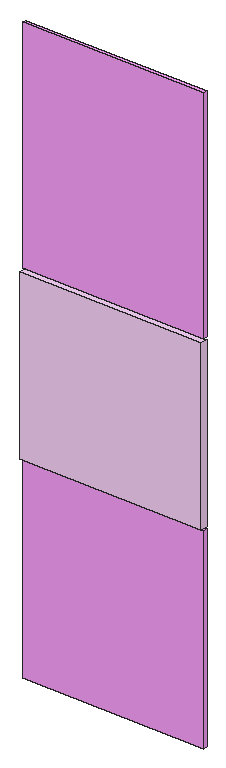
Revit family "EXP_WT-1A_CPan-002", category Curtain Panels, Revit 2021
Family settings
  OmniClass Number = 23.25.20.14.11.11.17
  OmniClass Title = Infill Panels
  Always vertical = Yes
  Cut with Voids When Loaded = No
  Shared = No
Parameters (values of type "H2 = 4'  6 1/2"")
  UI-UnitNumber [instance] = "01"
  UI-Quadrant [instance] = "SE"
  UI-ProjectAbbreviation = "NEU"
  UI-ItemCategory = "PID"
  UI-FloorNumber [instance] = "03"
  PNT-WallType = "WT1A"
  PNT-ProjectAbbreviation = "NEU"
  PNT-PanelType [instance] = "01"
  PNT-ItemCategory = "PNL"
  GlassSPH3 [instance] = 0' - 1 1/8"
  GlassSPH2(x3) [instance] = 0' - 2 3/16"
  GlassSPH1 [instance] = 0' - 1 1/8"
  GlassH3 [instance] = IG-3F(Glass)
  GlassH2 [instance] = IG-1F(Glass)
  GlassH1 [instance] = IG-3F(Glass)
  Define Thermal Properties by = Schematic Type
  CellSp = 0' - 10 3/16"
  CellL [instance] = 5' - 0"
  CellH3 [instance] = CellH - (CellH1 + CellH2)  # 5' - 4 1/2"
  CellH2 = 4' - 6 1/2"
  CellH1 = 6' - 0 1/2"
  CellH [instance] = 15' - 11 1/2"
  Analytic Construction = "<None>"
Reference planes (in)
  plane 1 "Center (Front/Back)": y = 0
  plane 2: z = 0
  plane 3 "Center (Left/Right)": x = 0
  plane 4 "Left": x = -30
  plane 5 "Right": x = 30
  plane 6 "Top": z = 191.5
  plane 7: z = 119
  plane 8: y = -10.1875
  plane 9: z = 64.5
Forms (in)
  Extrusion 1, solid, material "IG-1F(Glass)" <- "GlassH2", detail levels coarse+medium
    sketch origin (0, 0, 0) x (0, 1, 0) y (0, 0, 1)
      loop
        line (-10.1875, 119) -> (-10.1875, 64.5) -> (0, 64.5) -> (0, 119) -> (-10.1875, 119)
    from -30 to 30
  Extrusion 2, solid, material "IG-3F(Glass)" <- "GlassH1", detail levels coarse+medium
    sketch origin (0, 0, 0) x (0, 1, 0) y (0, 0, 1)
      loop
        line (-10.1875, 191.5) -> (-10.1875, 119) -> (0, 119) -> (0, 191.5) -> (-10.1875, 191.5)
    from -30 to 30
  Extrusion 3, solid, material "IG-3F(Glass)" <- "GlassH3", detail levels coarse+medium
    sketch origin (0, 0, 0) x (0, 1, 0) y (0, 0, 1)
      loop
        line (0, 64.5) -> (-10.1875, 64.5) -> (-10.1875, 0) -> (0, 0) -> (0, 64.5)
    from -30 to 30
Text (in)
  text "Exterior" at (-92.59733, 55.75508, 0), in view "Ref. Level"
  text "Exterior" at (0, 90.18664, 173.49264), in view "Left"
  text "Exterior" at (0, 52.29083, 162.21847), in view "Right"
Dimensions and locks (in)
  Extrusion 2 sketch curve to Extrusion 2 sketch curve = 0' - 10 3/16"
  equal spacing: plane 4 "Left", plane 3 "Center (Left/Right)", plane 5 "Right"
  "CellH1": plane 7 to plane 6 "Top"
  "CellH2": plane 9 to plane 7
  "CellH": plane 2 to plane 6 "Top"
  "CellSp": plane 8 to plane 1 "Center (Front/Back)"
  "CellL": plane 4 "Left" to plane 5 "Right"
  aligned and locked: Extrusion 1 sketch curve to plane 7
  aligned and locked: plane 8 to Extrusion 1 sketch curve
  aligned and locked: plane 1 "Center (Front/Back)" to Extrusion 1 sketch curve
  aligned and locked: plane 4 "Left" to Extrusion 1
  aligned and locked: Extrusion 1 to plane 5 "Right"
  aligned and locked: plane 6 "Top" to Extrusion 2 sketch curve
  aligned and locked: plane 8 to Extrusion 2 sketch curve
  aligned and locked: Extrusion 2 sketch curve to Extrusion 1
  aligned and locked: Extrusion 2 to plane 5 "Right"
  aligned and locked: plane 4 "Left" to Extrusion 2
  aligned and locked: level to plane 2
  aligned and locked: Extrusion 1 sketch curve to plane 9
  aligned and locked: Extrusion 3 sketch curve to Extrusion 1  (x2)
  aligned and locked: Extrusion 3 sketch curve to level
  aligned and locked: Extrusion 3 sketch curve to plane 8
  aligned and locked: Extrusion 3 to plane 5 "Right"
  aligned and locked: plane 4 "Left" to Extrusion 3
  aligned and locked: Extrusion 2 to plane 1 "Center (Front/Back)"
  aligned and locked: nested 1 to Extrusion 1
  aligned and locked: nested 1 to plane 4 "Left"
  aligned and locked: nested 1 to plane 5 "Right"
  aligned and locked: plane 6 "Top" to nested 2
  aligned and locked: nested 2 to level
  aligned and locked: plane 1 "Center (Front/Back)" to nested 3
  aligned and locked: plane 5 "Right" to nested 3
  aligned and locked: plane 4 "Left" to nested 3
  aligned and locked: Extrusion 3 to plane 2
  aligned and locked: Extrusion 2 to plane 6 "Top"
  aligned and locked: plane 1 "Center (Front/Back)" to nested 4
  aligned and locked: nested 4 to plane 6 "Top"
  aligned and locked: plane 7 to nested 4
  aligned and locked: plane 4 "Left" to nested 4
  aligned and locked: plane 5 "Right" to nested 4
  aligned and locked: plane 1 "Center (Front/Back)" to nested 5
  aligned and locked: plane 7 to nested 5
  aligned and locked: plane 9 to nested 5
  aligned and locked: plane 4 "Left" to nested 5
  aligned and locked: plane 5 "Right" to nested 5
  aligned and locked: plane 1 "Center (Front/Back)" to nested 6
  aligned and locked: plane 9 to nested 6
  aligned and locked: plane 2 to nested 6
  aligned and locked: plane 5 "Right" to nested 6
  aligned and locked: plane 4 "Left" to nested 6
Nested families (in)
  nested 1: "EXP_WT-1A_DetO-001" at (-30, 0, 0), type "EXP_WT-1A_DetO-001"
    with built-in parameter 1001306 5 (stored number, unit not read)
  nested 2: "EXP_WT-1A_DetO-004" at (0, 0, 191.5) x (0, 0, -1) z (1, 0, 0), CellH1 <- "CellH1", CellH2 <- "CellH2", type "EXP_WT-1A_DetO-004"
    with built-in parameter 1001306 15.958 (stored number, unit not read), CellH2 4' - 6 1/2", CellH1 6' - 0 1/2", CellH 15' - 11 1/2"
  nested 3: "EXP_xx_DetO-002" at (0, 0, -0.75132), CellH <- "CellH", CellL <- "CellL", type "EXP_xx_DetO-002", detail levels coarse
    with CellL 5' - 0", CellH 15' - 11 1/2"
  nested 4: "EXP_WT-1x_IG-001" at (0, 0, 155.25), MaterialGlass <- "GlassH1", GlassSP <- "GlassSPH1", type "GlassSP = H1", detail levels fine
    with MaterialGlass IG-3F(Glass), GlassSP 0' - 1 1/8", GlassL 4' - 10.12549", GlassH 5' - 10 13/16", CellL 5' - 0", CellH 6' - 0 1/2"
  nested 5: "EXP_WT-1x_IG-001" at (0, 0, 91.75), MaterialGlass <- "GlassH2", GlassSP <- "GlassSPH2(x3)", type "GlassSP = H2(x3)", detail levels fine
    with MaterialGlass IG-1F(Glass), GlassSP 0' - 2 3/16", GlassL 4' - 10.12598", GlassH 4' - 5 3/4", CellL 5' - 0", CellH 4' - 6 1/2"
  nested 6: "EXP_WT-1x_IG-001" at (0, 0, 32.25), MaterialGlass <- "GlassH3", GlassSP <- "GlassSPH1", type "GlassSP = H3", detail levels fine
    with MaterialGlass IG-3F(Glass), GlassSP 0' - 1 1/8", GlassL 4' - 10.12549", GlassH 5' - 2.56299", CellL 5' - 0", CellH 5' - 4 1/2"
Definition of nested family "EXP_WT-1x_IG-001"
  Parameters (values of type "H2 _ GlassSP = 1 1/4"")
    MaterialGlass [instance] = none
    GlassSP [instance] = 0' - 1 1/4"
    GlassL [instance] = CellL - (GlassD1 + GlassD3)  # 3' - 10.94439"
    GlassH [instance] = CellH - (GlassD2 + GlassD4)  # 6' - 6.64788"
    GlassD4 = 0' - 1.43701"
    GlassD3 = 0' - 0.93701"
    GlassD2 = 0' - 0 1/2"
    GlassD1 = 0' - 0 15/16"
    GMPI-ProjectAbbreviation = "NEU"
    GMPI-IteamCategory = "GLS"
    Default Elevation = 0' - 0"
    CellL [instance] = 4' - 0.8189"
    CellH [instance] = 6' - 8.58489"
  Types (12): name | GlassSP | GlassL | GlassH | GlassD4 | GlassD2 | GlassD1
    H2(x2) _ GlassSP = 2 1/8" | 0' - 2.12598" | 3' - 10.94488" | 6' - 6.64788" | 0' - 1.43701" | 0' - 0 1/2" | 0' - 0.93701"
    H1 _ GlassSP = 1 1/4" | 0' - 1 1/4" | 3' - 10.94439" | 6' - 6.89739" | 0' - 0 1/4" | 0' - 1 7/16" | 0' - 0 15/16"
    H2(x3) _ GlassSP = 2 1/8" | 0' - 2.12598" | 3' - 10.94488" | 6' - 7.83489" | 0' - 0 1/4" | 0' - 0 1/2" | 0' - 0.93701"
    H3 _ GlassSP = 1 1/4" | 0' - 1 1/4" | 3' - 10.94439" | 6' - 6.64788" | 0' - 1.43701" | 0' - 0 1/2" | 0' - 0 15/16"
    H _ GlassSP = 2 1/8" | 0' - 2.12598" | 3' - 10.94488" | 6' - 5.71088" | 0' - 1.43701" | 0' - 1.43701" | 0' - 0.93701"
    H _ GlassSP = 1 1/4" | 0' - 1 1/4" | 3' - 10.94439" | 6' - 5.71088" | 0' - 1.43701" | 0' - 1.43701" | 0' - 0 15/16"
    H2 _ GlassSP = 1 1/4" | 0' - 1 1/4" | 3' - 10.94439" | 6' - 6.64788" | 0' - 1.43701" | 0' - 0 1/2" | 0' - 0 15/16"
    GlassSP = H | 0' - 1 1/4" | 3' - 10.94439" | 6' - 5.71088" | 0' - 1.43701" | 0' - 1.43701" | 0' - 0 15/16"
    GlassSP = H3 | 0' - 1 1/4" | 3' - 10.94439" | 6' - 6.64788" | 0' - 1.43701" | 0' - 0 1/2" | 0' - 0 15/16"
    GlassSP = H2(x3) | 0' - 2.12598" | 3' - 10.94488" | 6' - 7.83489" | 0' - 0 1/4" | 0' - 0 1/2" | 0' - 0.93701"
    GlassSP = H2(x2) | 0' - 2.12598" | 3' - 10.94488" | 6' - 6.64788" | 0' - 1.43701" | 0' - 0 1/2" | 0' - 0.93701"
    GlassSP = H1 | 0' - 1 1/4" | 3' - 10.94439" | 6' - 6.89739" | 0' - 0 1/4" | 0' - 1 7/16" | 0' - 0 15/16"
  Reference planes (in)
    plane 1 "Center (Front/Back)": y = 0
    plane 2: z = 0
    plane 3 "Center (Left/Right)": x = 0
    plane 4: x = -24.40945
    plane 5: x = 24.40945
    plane 6: z = 40.29245
    plane 7: x = -23.47195
    plane 8: x = 23.47244
    plane 9: z = -40.29245
    plane 10: z = 39.79245
    plane 11: z = -38.85544
  Forms (in)
    Extrusion 1, solid, material <- "MaterialGlass"
      sketch origin (0, 0, 0) x (1, 0, 0) y (0, 0, 1)
        loop
          line (-23.47195, -38.85544) -> (23.47244, -38.85544) -> (23.47244, 39.79245) -> (-23.47195, 39.79245) -> (-23.47195, -38.85544)
      from 0 to 1.25 <- "GlassSP"
  Dimensions and locks (in)
    equal spacing: plane 6, level, plane 9
    "CellH": plane 6 to plane 9
    "GlassD2": plane 6 to plane 10
    "GlassD4": plane 11 to plane 9
    equal spacing: plane 4, plane 3 "Center (Left/Right)", plane 5
    "CellL": plane 4 to plane 5
    "GlassD1": plane 4 to plane 7
    "GlassD3": plane 5 to plane 8
    aligned and locked: level to plane 2
    aligned and locked: Extrusion 1 sketch curve to plane 11
    aligned and locked: Extrusion 1 sketch curve to plane 7
    aligned and locked: plane 10 to Extrusion 1 sketch curve
    aligned and locked: plane 8 to Extrusion 1 sketch curve
Definition of nested family "EXP_WT-1A_DetO-001"
  Parameters (values of type "EXP_WT-1A_DetO-001")
    built-in parameter 1001306 [instance] = 5' - 2.99213"
  Reference planes (in)
    plane 1 "Center (Front/Back)": y = 0
    plane 2: z = 0
    plane 3 "Left": x = 0
    plane 4 "Right": x = 62.99213
  Lines and regions (in)
    reference lines, in view "Ref. Level"
      curve 1: line (0, 0, 0) -> (62.99213, 0, 0)
    detail lines, in view "Ref. Level"
      curve 2: line (0.25, 0, 0) -> (0.5458, 0, 0)
      curve 3: line (0.25, 0, 0) -> (0.5458, 0, 0)
      curve 4: line (62.99213, -0.81795, 0) -> (62.99213, -10.1875, 0)
      curve 5: line (62.99213, -10.1875, 0) -> (60.99213, -10.1875, 0)
      curve 6: line (60.99213, -10.1875, 0) -> (60.99213, -2.43678, 0)
      curve 7: line (60.99213, -2.43678, 0) -> (62.44632, -2.43678, 0)
      curve 8: line (62.44632, -2.43678, 0) -> (62.44632, 0, 0)
      curve 9: line (62.44632, 0, 0) -> (62.74213, 0, 0)
      curve 10: line (62.74213, 0, 0) -> (62.74213, -0.81795, 0)
      curve 11: line (62.99213, -0.81795, 0) -> (62.74213, -0.81795, 0)
      curve 12: line (0.25, 0, 0) -> (0.25, -0.81795, 0)
      curve 13: line (0.25, 0, 0) -> (0.5458, 0, 0)
      curve 14: line (0, -0.81795, 0) -> (0.25, -0.81795, 0)
      curve 15: line (0, -0.81795, 0) -> (0, -10.1875, 0)
      curve 16: line (2, -10.1875, 0) -> (0, -10.1875, 0)
      curve 17: line (2, -2.43676, 0) -> (2, -10.1875, 0)
      curve 18: line (0.5458, -2.43676, 0) -> (2, -2.43676, 0)
      curve 19: line (0.5458, -2.43676, 0) -> (0.5458, 0, 0)
      curve 20: line (0.94241, 0, 0) -> (62.04971, 0, 0)
      curve 21: line (0.94241, -1.31, 0) -> (0.94241, 0, 0)
      curve 22: line (0.94241, -1.31, 0) -> (62.04971, -1.31, 0)
      curve 23: line (62.04971, -1.31, 0) -> (62.04971, 0, 0)
  Dimensions and locks (in)
    "built-in parameter 1001306": plane 3 "Left" to plane 4 "Right"
    aligned and locked: plane 1 "Center (Front/Back)" to curve 1
    aligned and locked: plane 3 "Left" to curve 1
    aligned and locked: plane 4 "Right" to curve 1
    aligned and locked: curve 4 to plane 4 "Right"
    aligned and locked: curve 1 to curve 13
    aligned and locked: curve 15 to plane 3 "Left"
    aligned and locked: curve 1 to curve 20
    aligned and locked: curve 5 to curve 16
  Automatic sketch dimensions
    plane 1 "Center (Front/Back)" to curve 9 = 0' - 0"
    curve 2 to curve 2 = 0' - 0.2958"
    curve 7 to plane 4 "Right" = 0' - 2"
    curve 9 to plane 4 "Right" = 0' - 0.5458"
    curve 10 to curve 4 = 0' - 0 1/4"
    plane 1 "Center (Front/Back)" to curve 4 = 0' - 0.81795"
    curve 7 to curve 10 = 0' - 1.61883"
    curve 5 to curve 7 = 0' - 7.75072"
    plane 1 "Center (Front/Back)" to curve 15 = 0' - 0.81795"
    plane 3 "Left" to curve 16 = 0' - 2"
    curve 17 to curve 12 = 0' - 1.61881"
    plane 3 "Left" to curve 20 = 0' - 0.94241"
    curve 23 to curve 10 = 0' - 0.69242"
    curve 23 to curve 10 = 0' - 0.49205"
    plane 3 "Left" to curve 14 = 0' - 0 1/4"
Definition of nested family "EXP_WT-1A_DetO-004"
  Parameters (values of type "EXP_WT-1A_DetO-004")
    built-in parameter 1001306 [instance] = 12' - 11"
    CellH2 [instance] = 5' - 8"
    CellH1 [instance] = 3' - 3"
    CellH [instance] = 12' - 11"
  Reference planes (in)
    plane 1 "Center (Front/Back)": y = 0
    plane 2: z = 0
    plane 3 "Left": x = 0
    plane 4 "Right": x = 155
    plane 5: x = 39
    plane 6: x = 107
  Lines and regions (in)
    reference lines, in view "Ref. Level"
      curve 1: line (0, 0, 0) -> (155, 0, 0)
    detail lines, in view "Ref. Level"
      curve 2: line (37.25001, -10.125, 0) -> (37.25001, -2.41263, 0)
      curve 3: line (37.25001, -2.41263, 0) -> (40.74999, -2.41263, 0)
      curve 4: line (40.74999, -2.41263, 0) -> (40.74999, -10.125, 0)
      curve 5: line (40.74999, -10.125, 0) -> (37.25001, -10.125, 0)
      curve 6: line (39.27639, -2.185, 0) -> (39.27639, 0, 0)
      curve 7: line (39.27639, 0, 0) -> (106.72361, 0, 0)
      curve 8: line (106.72361, -2.185, 0) -> (39.27639, -2.185, 0)
      curve 9: line (38.52639, -1.31, 0) -> (38.52639, 0, 0)
      curve 10: line (38.52639, 0, 0) -> (1.19241, 0, 0)
      curve 11: line (38.52639, -1.31, 0) -> (1.19241, -1.31, 0)
      curve 12: line (0, -10.125, 0) -> (2.125, -10.125, 0)
      curve 13: line (0, -0.81812, 0) -> (0, -10.125, 0)
      curve 14: line (0.5, 0, 0) -> (0.5, -0.81812, 0)
      curve 15: line (0.5, 0, 0) -> (0.7958, 0, 0)
      curve 16: line (0, -0.81812, 0) -> (0.5, -0.81812, 0)
      curve 17: line (0.7958, -2.43676, 0) -> (0.7958, 0, 0)
      curve 18: line (2.125, -2.43676, 0) -> (0.7958, -2.43676, 0)
      curve 19: line (2.125, -10.125, 0) -> (2.125, -2.43676, 0)
      curve 20: line (1.19241, -1.31, 0) -> (1.19241, 0, 0)
      curve 21: line (155, 60, 0) -> (155, -10.125, 0)
      curve 22: line (155, -10.125, 0) -> (151.625, -10.125, 0)
      curve 23: line (151.625, -10.125, 0) -> (151.625, -2.43679, 0)
      curve 24: line (151.625, -2.43679, 0) -> (154.2042, -2.43679, 0)
      curve 25: line (154.2042, -2.43679, 0) -> (154.2042, 0, 0)
      curve 26: line (154.5, 0, 0) -> (154.5, -0.81812, 0)
      curve 27: line (154.2042, 0, 0) -> (154.5, 0, 0)
      curve 28: line (155, -0.81812, 0) -> (154.5, -0.81812, 0)
      curve 29: line (155, -0.81812, 0) -> (155, -10.125, 0)
      curve 30: line (153.80789, -1.31, 0) -> (153.80789, 0, 0)
      curve 31: line (105.25001, -10.125, 0) -> (108.74999, -10.125, 0)
      curve 32: line (105.25001, -2.41263, 0) -> (105.25001, -10.125, 0)
      curve 33: line (108.74999, -10.125, 0) -> (108.74999, -2.41263, 0)
      curve 34: line (108.74999, -2.41263, 0) -> (105.25001, -2.41263, 0)
      curve 35: line (106.72361, -2.185, 0) -> (106.72361, 0, 0)
      curve 36: line (107.47361, -1.31, 0) -> (153.80789, -1.31, 0)
      curve 37: line (107.47361, -1.31, 0) -> (107.47361, 0, 0)
      curve 38: line (153.80789, 0, 0) -> (107.47361, 0, 0)
  Dimensions and locks (in)
    "built-in parameter 1001306": plane 3 "Left" to plane 4 "Right"
    "CellH": plane 3 "Left" to plane 4 "Right"
    "CellH1": plane 3 "Left" to plane 5
    "CellH2": plane 5 to plane 6
    aligned and locked: plane 1 "Center (Front/Back)" to curve 1
    aligned and locked: plane 3 "Left" to curve 1
    aligned and locked: plane 4 "Right" to curve 1
    aligned and locked: curve 1 to curve 7
    aligned and locked: curve 10 to plane 1 "Center (Front/Back)"
    aligned and locked: curve 13 to plane 3 "Left"
    aligned and locked: curve 1 to curve 15
    aligned and locked: curve 21 to plane 4 "Right"
    aligned and locked: curve 29 to plane 4 "Right"
    aligned and locked: curve 38 to curve 7
    aligned and locked: curve 5 to curve 12
    aligned and locked: curve 5 to curve 31
    aligned and locked: curve 22 to curve 31
  Automatic sketch dimensions
    plane 5 to curve 3 = 0' - 1 3/4"
    plane 1 "Center (Front/Back)" to curve 3 = 0' - 2.41263"
    curve 5 to plane 5 = 0' - 1 3/4"
    plane 5 to curve 6 = 0' - 0.27639"
    curve 6 to curve 6 = 0' - 2.185"
    curve 9 to plane 5 = 0' - 0.47361"
    plane 1 "Center (Front/Back)" to curve 12 = 0' - 10 1/8"
    plane 1 "Center (Front/Back)" to curve 13 = 0' - 0.81812"
    plane 3 "Left" to curve 14 = 0' - 0 1/2"
    curve 14 to curve 17 = 0' - 0.2958"
    curve 17 to curve 18 = 0' - 1.3292"
    curve 18 to curve 14 = 0' - 1.61864"
    curve 14 to curve 20 = 0' - 0.69242"
    curve 20 to curve 14 = 0' - 0.49188"
    curve 21 to plane 1 "Center (Front/Back)" = 5' - 0"
    curve 24 to curve 24 = 0' - 2.5792"
    plane 1 "Center (Front/Back)" to curve 27 = 0' - 0"
    curve 25 to curve 26 = 0' - 0.2958"
    curve 28 to curve 28 = 0' - 0 1/2"
    curve 30 to curve 24 = 0' - 0.39631"
    curve 24 to curve 30 = 0' - 1.12679"
    plane 1 "Center (Front/Back)" to curve 26 = 0' - 0.81812"
    curve 32 to plane 6 = 0' - 1 3/4"
    plane 6 to curve 31 = 0' - 1 3/4"
    plane 1 "Center (Front/Back)" to curve 33 = 0' - 2.41263"
    curve 35 to plane 6 = 0' - 0.27639"
    curve 36 to curve 37 = 0' - 1.31"
    plane 6 to curve 38 = 0' - 0.47361"
Definition of nested family "EXP_xx_DetO-002"
  Parameters (values of type "EXP_xx_DetO-002")
    Default Elevation = 0' - 0"
    CellL [instance] = 5' - 4.56693"
    CellH [instance] = 5' - 2.99213"
  Reference planes (in)
    plane 1 "Center (Front/Back)": y = 0
    plane 2: z = 0
    plane 3 "Center (Left/Right)": x = 0
    plane 4: x = -32.28346
    plane 5: x = 32.28346
    plane 6: z = 62.99213
  Lines and regions (in)
    model lines
      curve 1: line (-32.28346, 0, 62.99213) -> (32.28346, 0, 0)
      curve 2: line (32.28346, 0, 62.99213) -> (-32.28346, 0, 0)
  Dimensions and locks (in)
    "CellH": plane 6 to level
    equal spacing: plane 4, plane 3 "Center (Left/Right)", plane 5
    "CellL": plane 4 to plane 5
    aligned and locked: level to plane 2
  Automatic sketch dimensions
    curve 2 to level = 0' - 0"
    plane 4 to curve 2 = 0' - 0"
    plane 4 to curve 1 = 0' - 0"
    plane 5 to curve 2 = 0' - 0"
    curve 1 to level = 0' - 0"
    plane 5 to curve 1 = 0' - 0"
    curve 2 to plane 6 = 0' - 0"
    curve 1 to plane 6 = 0' - 0"
